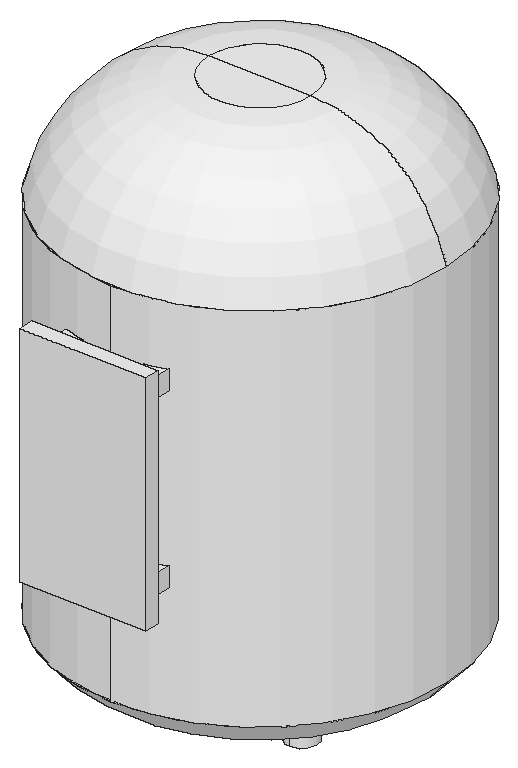
Revit family
Parameters (values of type "370 mm dia.")
  Mounting Height = 2000 mm
  Heater Material = Metal-Paint Finish
  Clamp Material = Metal
Types (2, lengths in mm): name | Heater Material | Clamp Material
  Type 1 | none | none
  370 mm dia. | Metal-Paint Finish | Metal
Reference planes
  plane 1: y = 0
  plane 2 "Center (Left/Right)": x = 125
  plane 3 "Back": y = 75
  plane 4: z = 2000
  plane 5: y = 295
  plane 6: z = 2525
  plane 7: x = -60
  plane 8: x = 310
Forms (mm)
  Extrusion 1, solid, material "Metal-Paint Finish" <- "Heater Material"
    sketch origin (0, 0, 2000) x (0, 1, 0) y (1, 0, 0)
      loop
        circle (295, 125) r 185
    from -50 to -420
  Extrusion 2, solid, material "Metal" <- "Clamp Material"
    sketch origin (0, 0, 2000) x (0, 1, 0) y (1, 0, 0)
      loop
        line (75, 62.5) -> (90, 62.5) -> (90, 187.5) -> (75, 187.5) -> (75, 62.5)
    from -150 to -375
  Extrusion 3, solid, material "Metal" <- "Clamp Material"
    sketch origin (0, 0, 2000) x (0, 1, 0) y (1, 0, 0)
      loop
        line (90, 74.24) -> (118.348, 74.24) -> (118.348, 94.386) -> (90, 94.386) -> (90, 74.24)
    from -165 to -185
  Extrusion 4, solid, material "Metal" <- "Clamp Material"
    sketch origin (250, 0, 2000) x (0, -1, 0) y (-1, 0, 0)
      loop
        line (-90, 74.24) -> (-90, 94.386) -> (-118.348, 94.386) -> (-118.348, 74.24) -> (-90, 74.24)
    from -165 to -185
  Extrusion 5, solid, material "Metal" <- "Clamp Material"
    sketch origin (0, 0, 2525) x (-1, 0, 0) y (0, -1, 0)
      loop
        line (-74.24, -90) -> (-94.386, -90) -> (-94.386, -118.348) -> (-74.24, -118.348) -> (-74.24, -90)
    from -165 to -185
  Revolve 6, solid, material "Metal-Paint Finish" <- "Heater Material"
    sketch origin (0, 295, 0) x (-1, 0, 0) y (0, 0, 1)
      loop
        line (-207.485, 2000) -> (-125, 2000) -> (-125, 2005) -> (-207.515, 2005)
        arc (-207.515, 2005) -> (-260.727, 2016.498) -> (-303.637, 2050) r 121.981
        line (-303.637, 2050) -> (-310, 2050)
        arc (-310, 2050) -> (-264.672, 2012.842) -> (-207.485, 2000) r 126.981
      axis (-125, 2050) -> (-125, 2000)
    angle from 0 to 360
  Revolve 7, solid, material "Metal-Paint Finish" <- "Heater Material"
    sketch origin (0, 295, 0) x (-1, 0, 0) y (0, 0, 1)
      loop
        line (-125, 2525) -> (-175.657, 2525)
        arc (-175.657, 2525) -> (-261.42, 2496.287) -> (-310, 2420) r 135.47
        line (-310, 2420) -> (-304.863, 2420)
        arc (-304.863, 2420) -> (-257.868, 2492.715) -> (-175.7, 2520) r 130.47
        line (-175.7, 2520) -> (-125, 2520) -> (-125, 2525)
      axis (-125, 2525) -> (-125, 2420)
    angle from 0 to 360
  Extrusion 8, solid, material "Metal" <- "Clamp Material"
    sketch origin (250, 0, 2525) x (1, 0, 0) y (0, 1, 0)
      loop
        line (-74.24, 90) -> (-74.24, 118.348) -> (-94.386, 118.348) -> (-94.386, 90) -> (-74.24, 90)
    from -165 to -185
  Extrusion 9, solid, material "Metal" <- "Clamp Material"
    sketch origin (0, 0, 2000) x (0, 1, 0) y (1, 0, 0)
      loop
        circle (295, 83.758) r 15
      loop
        circle (295, 166.242) r 15
    from 0 to 50
Lines and regions (mm)
  symbolic lines, style "ElectricalFixturesHiddenLines"
    curve 1: arc (125, 110, 0) -> (-60, 295, 0) -> (125, 480, 0) r 185
    curve 2: arc (125, 480, 0) -> (310, 295, 0) -> (125, 110, 0) r 185
    curve 3: arc (74.343, 295, 0) -> (125, 345.657, 0) -> (175.657, 295, 0) r 50.657
    curve 4: arc (175.657, 295, 0) -> (125, 244.343, 0) -> (74.343, 295, 0) r 50.657
  symbolic lines
    curve 5: line (187.5, 90, 0) -> (62.5, 90, 0)
    curve 6: line (62.5, 90, 0) -> (62.5, 75, 0)
    curve 7: line (187.5, 75, 0) -> (187.5, 90, 0)
    curve 8: line (155.614, 118.348, 0) -> (155.614, 90, 0)
    curve 9: line (175.76, 90, 0) -> (175.76, 118.348, 0)
    curve 10: line (94.386, 90, 0) -> (94.386, 118.348, 0)
    curve 11: line (74.24, 118.348, 0) -> (74.24, 90, 0)
Text (mm)
  text "Placement side" at (-1867.185, 1116.779, 0), in view "Ref. Level"
  text "Placement side" at (0, 1270.507, 3001.832), in view "Left"
  text "Placement side" at (0, 530.812, 2999.686), in view "Right"
Dimensions and locks
  locked: plane 3 "Back" to host wall
  "Mounting Height": host wall to plane 4
  plane 4 to plane 6 = 525 mm
  plane 7 to plane 8 = 370 mm
  plane 6 to plane 4 = 525 mm
  locked: Extrusion 3 to Extrusion 5 at 155
  locked: Extrusion 5 to Extrusion 5 at 20
  Extrusion 8 to Extrusion 8 to Extrusion 4 = 20 mm locked, 155 mm locked
  Extrusion 4 to Extrusion 4 to plane 4 = 20 mm locked, 165 mm locked
  locked: plane 5 to Extrusion 5 at 176.652
  locked: plane 5 to Extrusion 8 at 176.652
  aligned and locked: plane 1 to host wall
  aligned and locked: Extrusion 3 sketch curve to Extrusion 2
  aligned and locked: Extrusion 3 to Extrusion 2
  aligned and locked: Extrusion 3 sketch curve to Extrusion 3 sketch curve
  aligned and locked: Extrusion 4 sketch curve to Extrusion 4 sketch curve
  aligned and locked: Extrusion 4 to Extrusion 2
  aligned and locked: Extrusion 5 sketch curve to Extrusion 5 sketch curve
  aligned and locked: Extrusion 5 to Extrusion 2
  aligned and locked: Extrusion 1 to Revolve 7
  aligned and locked: Extrusion 8 sketch curve to Extrusion 8 sketch curve
  aligned and locked: Revolve 6 to Extrusion 1
  aligned and locked: Extrusion 9 to plane 4
  aligned and locked: plane 6 to Revolve 7
  aligned and locked: plane 7 to Revolve 6
  aligned and locked: plane 8 to Revolve 6
  aligned and locked: Extrusion 2 to Extrusion 8
  aligned and locked: Extrusion 3 to Extrusion 4
  aligned and locked: Extrusion 3 to Extrusion 8
  aligned and locked: Extrusion 8 to Extrusion 5  (x2)
  aligned and locked: Extrusion 4 to Extrusion 3
  aligned and locked: Extrusion 4 to Extrusion 5
  aligned and locked: Extrusion 5 to Extrusion 4
Automatic sketch dimensions
  Extrusion 1 sketch curve to plane 2 "Center (Left/Right)" = 0 mm
  Extrusion 1 sketch curve to plane 5 = 0 mm
  Extrusion 2 sketch curve to host wall = 0 mm
  Extrusion 2 sketch curve to Extrusion 2 sketch curve = 15 mm
  plane 2 "Center (Left/Right)" to Extrusion 2 sketch curve = 62.5 mm
  Extrusion 2 sketch curve to plane 2 "Center (Left/Right)" = 62.5 mm
  Extrusion 3 sketch curve to Extrusion 3 sketch curve = 28.348 mm
  Extrusion 3 sketch curve to plane 2 "Center (Left/Right)" = 30.614 mm
  Extrusion 3 sketch curve to Extrusion 3 sketch curve = 20.146 mm
  host wall to Extrusion 4 sketch curve = 43.348 mm
  host wall to Extrusion 4 sketch curve = 15 mm
  plane 2 "Center (Left/Right)" to Extrusion 4 sketch curve = 30.614 mm
  Extrusion 4 sketch curve to Extrusion 4 sketch curve = 20.146 mm
  Extrusion 5 sketch curve to plane 2 "Center (Left/Right)" = 30.614 mm
  Extrusion 5 sketch curve to Extrusion 5 sketch curve = 20.146 mm
  host wall to Extrusion 5 sketch curve = 43.348 mm
  host wall to Extrusion 5 sketch curve = 15 mm
  Revolve 6 sketch curve to plane 4 = 0 mm
  Revolve 6 sketch curve to plane 2 "Center (Left/Right)" = 0 mm  (x2)
  Revolve 6 sketch curve to Revolve 6 sketch curve = 82.485 mm
  Revolve 6 sketch curve to Revolve 6 sketch curve = 0.03 mm
  plane 2 "Center (Left/Right)" to Revolve 6 sketch curve = 84.007 mm
  Revolve 6 sketch curve to Revolve 6 sketch curve = 0 mm
  Revolve 6 sketch curve to Revolve 6 sketch curve = 96.122 mm
  Revolve 6 sketch curve to Revolve 6 sketch curve = 6.363 mm
  plane 4 to Revolve 6 sketch curve = 360 mm
  Revolve 6 sketch curve to Revolve 6 sketch curve = 5 mm
  Revolve 6 sketch curve to plane 4 = 50 mm
  Revolve 6 sketch curve to Revolve 6 sketch curve = 293.028 mm
  Revolve 7 sketch curve to plane 2 "Center (Left/Right)" = 0 mm  (x2)
  Revolve 7 sketch curve to Revolve 7 sketch curve = 50.657 mm
  Revolve 7 sketch curve to Revolve 7 sketch curve = 0.044 mm
  plane 2 "Center (Left/Right)" to Revolve 7 sketch curve = 52.996 mm
  Revolve 7 sketch curve to Revolve 7 sketch curve = 0 mm  (x2)
  Revolve 7 sketch curve to Revolve 7 sketch curve = 126.867 mm
  Revolve 7 sketch curve to Revolve 7 sketch curve = 5.137 mm
  Revolve 7 sketch curve to plane 4 = 375 mm
  Revolve 7 sketch curve to Revolve 7 sketch curve = 14.55 mm
  Revolve 7 sketch curve to Revolve 7 sketch curve = 30.45 mm
  Revolve 7 sketch curve to Revolve 7 sketch curve = 75 mm
  plane 2 "Center (Left/Right)" to Extrusion 8 sketch curve = 30.614 mm
  Extrusion 8 sketch curve to Extrusion 8 sketch curve = 20.146 mm
  host wall to Extrusion 8 sketch curve = 15 mm
  Extrusion 8 sketch curve to Extrusion 8 sketch curve = 28.348 mm
  Extrusion 9 sketch curve to plane 5 = 0 mm  (x2)
  plane 2 "Center (Left/Right)" to Extrusion 9 sketch curve = 41.242 mm
  Extrusion 9 sketch curve to plane 2 "Center (Left/Right)" = 41.242 mm
  curve 6 to host wall = 0 mm
  curve 4 to plane 5 = 0 mm
  curve 2 to plane 2 "Center (Left/Right)" = 0 mm
  curve 4 to plane 2 "Center (Left/Right)" = 0 mm
  curve 7 to host wall = 0 mm
  curve 1 to plane 5 = 0 mm
  curve 10 to plane 2 "Center (Left/Right)" = 30.614 mm
  curve 3 to plane 2 "Center (Left/Right)" = 50.657 mm
  curve 11 to curve 10 = 20.146 mm
  curve 6 to curve 11 = 11.74 mm
  plane 2 "Center (Left/Right)" to curve 8 = 30.614 mm
  curve 8 to curve 9 = 20.146 mm
  curve 9 to curve 7 = 11.74 mm
  curve 6 to curve 5 = 15 mm
  host wall to curve 1 = 35 mm
  curve 10 to curve 10 = 28.348 mm
  curve 8 to curve 8 = 28.348 mm
  curve 11 to curve 10 = 0 mm
  curve 9 to curve 8 = 0 mm
  radius of Extrusion 1 sketch curve = 185 mm
  radius of Extrusion 9 sketch curve = 15 mm  (x2)
